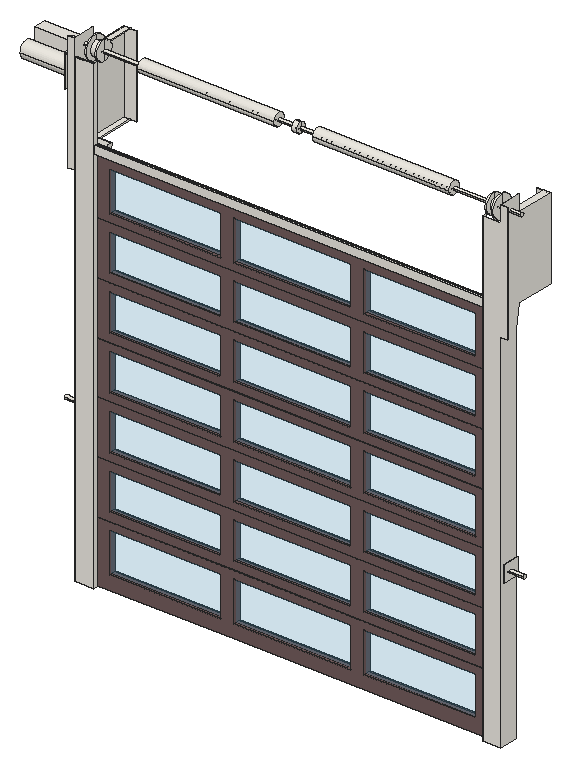
Revit family "Doors-Industrial_Cookson_VertiStack-Clear-Stacking-Door_VS904_", category Specialty Equipment, Revit 2018
Family settings
  Round Connector Dimension = Use Diameter
  Part Type = Normal
  OmniClass Number = 23.25.40.17
  Work Plane-Based = Yes
  Always vertical = Yes
  Cut with Voids When Loaded = No
  Shared = No
  Room Calculation Point = No
Parameters (values of type "VSH 5011EP")
  Voltage = 120 V
  Standard Door = yes
  Single Int Panel Vis [instance] = not(Array Vis)  # no
  Power Factor = 0
  Phase = 1
  Panel Material = Laminated - The Cookson Company -Brown
  Opening Width MIN = 4' - 6"  # constant formula
  Opening Width MAX = 14' - 0"  # constant formula
  URL = "https://www.cornelliron.com/"
  Sizing Disclaimer = "Openings up to 14' wide and 14' high are standard construction. Consult Manufacturer for larger sizes"  # constant formula
  Product data url = "https://www.bimobject.com/the-cookson-company/product/vertistack-clear-stacking-door"
  Product Guid = "3d38f814-2445-47c2-9e7f-16e356fbe4d8"
  Opening Width [instance] = 10' - 0"
  Opening Height [instance] = 10' - 0"
  Number of Poles = 1
  Number of Panels [instance] = size_lookup(Lookup Table, "N", 2, Actual Height)  # 7
  Number of Int Panels [instance] = if(Number of Panels > 3, Number of Panels - 2, 2)  # 5
  Motor Top Position [instance] = not(or(Motor Side Position, Motor Front Position))  # no
  Motor Side Position [instance] = yes
  Motor Front Position [instance] = no
  Model = "VS904"
  Manufacturer = "The Cookson Company"  # constant formula
  Opening Height MIN = 4' - 0"  # constant formula
  Opening Height MAX = 14' - 0"  # constant formula
  Lookup Table = "Vertistack"  # constant formula
  Lock Handle Height [instance] = if(Counter Door, 1' 0", if(or(Opening Height < 6' 0", Opening Height = 6' 0"), 1' 0", 4' 0"))  # 4' - 0"
  Int Section Height [instance] = size_lookup(Lookup Table, "INT", 1' 2 1/2", Actual Height)  # 1' - 4 1/2"
  Glass Material = Glass - The Cookson Company
  Full Load Current = 4.5 A
  Front Offset [instance] = 0' - 0"
  Frequency = 60 Hz
  Frame Material = Metal - The Cookson Company - Steel RAL9010
  Electrical Notes = "For more information on the Electrical requirements please contact the manufacturer"  # constant formula
  Edition number = 0
  Description = "Model VS904 The VertiStack Clear door utilizes unique, compact stacking panels that take up minimal ceiling space, so it won’t interfere with mechanical, electrical or plumbing fixtures. Vertically stacked panels with minimal projection oﬀ the wall allow for a clear and open ceiling. The panels can even be recessed into the ceiling if desired. Designed to operate smoothly and quietly, patrons will not be disturbed by operation."  # constant formula
  Default Elevation = 0' - 0"
  Custom Size Warning [instance] = if(or(Opening Height > Opening Height MAX, Opening Width > Opening Width MAX), "The size entered exceeds the maximum allowed tolerance. The model will revert to the maximum allowed size.", if(or(Opening Height < Opening Height MIN, Opening Width < Opening Width MIN), "The size entered is smaller than the minumum allowed tolerance. The model will revert to the minimum allowed size", "Size Available"))  # "Size Available"
  Counter Door = not(Standard Door)  # no
  Connector Pos 3 [instance] = if(or(Motor Side Position, Motor Top Position), 0' 2 1/8", 1' 9")  # 0' - 2 1/8"
  Connector Pos 2 [instance] = if(or(Motor Side Position, Motor Front Position), 1' 11", 0' 8")  # 1' - 11"
  Connector Pos 1 [instance] = if(Motor Side Position, 0' 7", 1' 11")  # 0' - 7"
  Connector Description = "Power Connection"  # constant formula
  Assembly Height [instance] = if(Motor Side Position, Actual Height + 2' 6 5/8", Actual Height + 3' 3 3/8")  # 12' - 6 5/8"
  Assembly Code = ""
  Array Vis [instance] = if(Number of Panels > 3, 1 < 2, 1 > 2)  # yes
  Actual Width [instance] = if(Opening Width > Opening Width MAX, Opening Width MAX, if(Opening Width < Opening Width MIN, Opening Width MIN, Opening Width))  # 10' - 0"
  Actual Height [instance] = if(Opening Height > Opening Height MAX, Opening Height MAX, if(Opening Height < Opening Height MIN, Opening Height MIN, round(Opening Height / 0' 1") * 0' 1"))  # 10' - 0"
Types (7): name | Voltage | Phase | Number of Poles | Full Load Current | Frequency
  VSH 5011EP | 120 V | 1 | 1 | 4.5 A | 60 Hz
  VSH 5021P | 230 V | 1 | 1 | 1.8 A | 60 Hz
  VSH 5023P | 230 V | 3 | 3 | 1.1 A | 60 Hz
  VSH 5043P | 460 V | 3 | 3 | 0.58 A | 60 Hz
  VSH 5053P | 575 V | 3 | 3 | 0.6 A | 60 Hz
  VSH 5025P | 230 V | 1 | 1 | 1.8 A | 50 Hz
  VSH 5038P | 380 V | 3 | 3 | 0.68 A | 50 Hz
Reference planes (in)
  plane 1 "Center (Front/Back)": y = -3
  plane 2: z = 0
  plane 3 "Center (Left/Right)": x = 0
  plane 4: x = -60
  plane 5: x = 60
  plane 6: y = -3
  plane 7: z = 120
  plane 8: z = 113
  plane 9: z = 145
  plane 10: y = 16
  plane 11: y = 4
  plane 12: z = 150
  plane 13: z = 113.5
  plane 14: x = 69
  plane 15: x = -70
  plane 16: z = 146.875
  plane 17: y = 1
  plane 18: y = 7
  plane 19: x = -83.75
  plane 20: x = -68.75
  plane 21: z = 158
  plane 22: x = -52.5
  plane 23: x = -66.32031
  plane 24: y = 8
  plane 25: y = -0.125
  plane 26: z = 120.5
  plane 27: z = 135
  plane 28: x = -6
  plane 29: x = -48
  plane 30: x = 6
  plane 31: x = 48
  plane 32: z = 48
  plane 33: x = -66.25
  plane 34: x = 66.25
  plane 35: y = 27.47206
Forms (in)
  Extrusion 1, solid, material "Metal - The Cookson Company - Steel RAL9010" <- "Frame Material"
    sketch origin (0, 0, 0) x (1, 0, 0) y (0, 1, 0)
      loop
        line (-60, -3) -> (-60, -1.6875) -> (-60.10156, -1.6875) -> (-60.10156, -2.89844) -> (-65.64844, -2.89844) -> (-65.64844, 2.64844) -> (-60.10156, 2.64844) -> (-60.10156, 1.4375) -> (-60, 1.4375) -> (-60, 2.75) -> (-65.75, 2.75) -> (-65.75, -3) -> (-60, -3)
      loop
        line (60, -3) -> (65.75, -3) -> (65.75, 2.75) -> (60, 2.75) -> (60, 1.4375) -> (60.10156, 1.4375) -> (60.10156, 2.64844) -> (65.64844, 2.64844) -> (65.64844, -2.89844) -> (60.10156, -2.89844) -> (60.10156, -1.6875) -> (60, -1.6875) -> (60, -3)
    from 0 to 113
  Extrusion 2, solid, material "Metal - The Cookson Company - Steel RAL9010" <- "Frame Material"
    sketch origin (0, 0, 0) x (1, 0, 0) y (0, 1, 0)
      loop
        line (-65.75, -3) -> (-60, -3) -> (-60, -1.6875) -> (-60.10156, -1.6875) -> (-60.10156, -2.89844) -> (-65.64844, -2.89844) -> (-65.64844, 15.89844) -> (-61.75, 15.89844) -> (-61.75, 16) -> (-65.75, 16) -> (-65.75, -3)
      loop
        line (60, -3) -> (65.75, -3) -> (65.75, 16) -> (61.75, 16) -> (61.75, 15.89844) -> (65.64844, 15.89844) -> (65.64844, -2.89844) -> (60.10156, -2.89844) -> (60.10156, -1.6875) -> (60, -1.6875) -> (60, -3)
    from 120 to 145
  Extrusion 3, solid, material "Metal - The Cookson Company - Steel RAL9010" <- "Frame Material"
    sketch origin (0, 0.75, 0) x (0, 1, 0) y (0, 0, 1)
      loop
        line (-3.75, 120) -> (-2.25, 120) -> (-2.25, 120.125) -> (-3.625, 120.125) -> (-3.625, 122.375) -> (-3, 122.375) -> (-3, 122.5) -> (-3.75, 122.5) -> (-3.75, 120)
    from -60 to 60
  Extrusion 4, solid, material "Metal - The Cookson Company - Steel RAL9010" <- "Frame Material"
    sketch origin (0, -3, 0) x (1, 0, 0) y (0, 0, 1)
      loop
        line (65.75, 145) -> (65.75, 145.125) -> (63.75, 145.125) -> (63.75, 145) -> (65.75, 145)
      loop
        line (-65.75, 145) -> (-63.75, 145) -> (-63.75, 145.125) -> (-65.75, 145.125) -> (-65.75, 145)
      loop
        line (-65.75, 119.875) -> (-63.75, 119.875) -> (-63.75, 120) -> (-65.75, 120) -> (-65.75, 119.875)
      loop
        line (65.75, 119.875) -> (65.75, 120) -> (63.75, 120) -> (63.75, 119.875) -> (65.75, 119.875)
    from -19 to -7
  Extrusion 5, solid, material "Metal - The Cookson Company - Steel RAL9010" <- "Frame Material"
    sketch origin (0, 0, 0) x (1, 0, 0) y (0, 1, 0)
      loop
        line (65.75, 4) -> (65.64844, 4) -> (65.64844, -3) -> (65.75, -3) -> (65.75, 4)
      loop
        line (-65.75, -3) -> (-65.64844, -3) -> (-65.64844, 4) -> (-65.75, 4) -> (-65.75, -3)
    from 145 to 150
  Extrusion 6, solid, material "Metal - The Cookson Company - Steel RAL9010" <- "Frame Material"
    sketch origin (0, 0, 0) x (1, 0, 0) y (0, 1, 0)
      loop
        line (-67.75, -3) -> (-65.75, -3) -> (-65.75, -2.89844) -> (-67.75, -2.89844) -> (-67.75, -3)
      loop
        line (67.75, -3) -> (67.75, -2.89844) -> (65.75, -2.89844) -> (65.75, -3) -> (67.75, -3)
    from 113.5 to 150
  Extrusion 7, solid, material "Metal - The Cookson Company - Steel RAL9010" <- "Frame Material"
    sketch origin (0, 0, 0) x (0, 1, 0) y (0, 0, 1)
      loop
        circle (1, 146.875) r 0.5
    from -70 to 69
  Extrusion 8, void
    sketch origin (0, 0, 0) x (0, 1, 0) y (0, 0, 1)
      loop
        circle (1, 146.875) r 0.75
    from -70 to 69
  Revolve 9, solid, material "Metal - The Cookson Company - Steel RAL9010" <- "Frame Material"
    sketch origin (0, 1, 159.375) x (0, 0, -1) y (-1, 0, 0)
      loop
        line (12.5, 62.89844) -> (9, 62.89844) -> (9, 62.39844) -> (10.25, 62.39844) -> (10.25, 60.39844) -> (9.625, 60.39844) -> (9.625, 59.89844) -> (12.5, 59.89844) -> (12.5, 62.89844)
      loop
        line (12.5, -62.89844) -> (12.5, -59.89844) -> (9.625, -59.89844) -> (9.625, -60.39844) -> (10.875, -60.39844) -> (10.875, -62.39844) -> (9, -62.39844) -> (9, -62.89844) -> (12.5, -62.89844)
      loop
        line (12.5, -0.75) -> (12.5, 0.75) -> (11, 0.75) -> (11, -0.75) -> (12.5, -0.75)
      axis (12.5, 62.89844) -> (12.5, -62.89844)
    angle from 0 to 360
  Extrusion 10, solid, material "Metal - The Cookson Company - Steel RAL9010" <- "Frame Material", visible <- "Motor Side Position"
    sketch origin (0, -3, 0) x (1, 0, 0) y (0, 0, 1)
      loop
        line (-65.75, 142.75) -> (-65.75, 145) -> (-68.75, 145) -> (-68.75, 135) -> (-68.5, 135) -> (-68.5, 144.75) -> (-66, 144.75) -> (-66, 142.75) -> (-65.75, 142.75)
    from -10 to -0.10156
  Extrusion 11, solid, material "Metal - The Cookson Company - Steel RAL9010" <- "Frame Material", visible <- "Motor Side Position"
    sketch origin (0, 0, 0) x (0, 1, 0) y (0, 0, 1)
      loop
        circle (1, 138.96205) r 2.5
    from -83.75 to -68.75
  Extrusion 12, solid, material "Metal - The Cookson Company - Steel RAL9010" <- "Frame Material", visible <- "Motor Side Position"
    sketch origin (0, 0, 0) x (1, 0, 0) y (0, 1, 0)
      loop
        line (-83.75, 8) -> (-83.75, 4) -> (-68.75, 4) -> (-68.75, 8) -> (-83.75, 8)
    from 135 to 143.77176
  Blend 13, solid, material "Metal - The Cookson Company - Steel RAL9010" <- "Frame Material"
    base sketch origin (0, 0, 0) x (1, 0, 0) y (0, 1, 0)
      loop
        line (-65.75, -3) -> (-60, -3) -> (-60, -1.6875) -> (-60.10156, -1.6875) -> (-60.10156, -2.89844) -> (-65.64844, -2.89844) -> (-65.64844, 2.64844) -> (-60.10156, 2.64844) -> (-60.10156, 1.4375) -> (-60, 1.4375) -> (-60, 2.75) -> (-65.75, 2.75) -> (-65.75, -2.46094) -> (-65.75, -3)
    top sketch origin (0, 0, 0) x (1, 0, 0) y (0, 1, 0)
      loop
        line (-65.75, -3) -> (-60, -3) -> (-60, -1.6875) -> (-60.10156, -1.6875) -> (-60.10156, -2.89844) -> (-65.64844, -2.89844) -> (-65.64844, 3.89844) -> (-60.10156, 3.89844) -> (-60.10156, 2.6875) -> (-60, 2.6875) -> (-60, 4) -> (-65.75, 4) -> (-65.75, -2.46094) -> (-65.75, -3)
    from 113 to 120
  Blend 14, solid, material "Metal - The Cookson Company - Steel RAL9010" <- "Frame Material"
    base sketch origin (0, 0, 0) x (1, 0, 0) y (0, 1, 0)
      loop
        line (65.75, 2.75) -> (60, 2.75) -> (60, 1.4375) -> (60.10156, 1.4375) -> (60.10156, 2.64844) -> (65.64844, 2.64844) -> (65.64844, -2.89844) -> (60.10156, -2.89844) -> (60.10156, -1.6875) -> (60, -1.6875) -> (60, -3) -> (65.75, -3) -> (65.75, -2.89844) -> (65.75, 2.75)
    top sketch origin (0, 0, 0) x (1, 0, 0) y (0, 1, 0)
      loop
        line (65.75, 4) -> (60, 4) -> (60, 2.6875) -> (60.10156, 2.6875) -> (60.10156, 3.89844) -> (65.64844, 3.89844) -> (65.64844, -2.89844) -> (60.10156, -2.89844) -> (60.10156, -1.6875) -> (60, -1.6875) -> (60, -3) -> (65.75, -3) -> (65.75, -2.89844) -> (65.75, 4)
    from 113 to 120
  Extrusion 15, solid, material "Metal - The Cookson Company - Steel RAL9010" <- "Frame Material", visible <- "Motor Top Position"
    sketch origin (0, 0, 0) x (1, 0, 0) y (0, 1, 0)
      loop
        line (-66.5, -3) -> (-60.75, -3) -> (-60.75, -2.82031) -> (-66.32031, -2.82031) -> (-66.32031, 6) -> (-66.5, 6) -> (-66.5, -3)
    from 150 to 158
  Extrusion 16, solid, material "Metal - The Cookson Company - Steel RAL9010" <- "Frame Material", visible <- "Motor Top Position"
    sketch origin (0, 0, 0) x (1, 0, 0) y (0, 1, 0)
      loop
        line (-60.75, -2.82031) -> (-65.36638, -2.82031) -> (-65.36638, -3) -> (-60.75, -3) -> (-60.75, -2.82031)
    from 146.875 to 150
  Extrusion 17, solid, material "Metal - The Cookson Company - Steel RAL9010" <- "Frame Material", visible <- "Motor Top Position"
    sketch origin (0, 0, 0) x (0, 1, 0) y (0, 0, 1)
      loop
        circle (1, 153.503) r 2.5
    from -66.32031 to -52.5
  Extrusion 18, solid, material "Metal - The Cookson Company - Steel RAL9010" <- "Frame Material", visible <- "Motor Top Position"
    sketch origin (-74.31324, 4, 360) x (-1, 0, 0) y (0, 0, 1)
      loop
        line (-21.81324, -210) -> (-7.99292, -210) -> (-7.99292, -201.25) -> (-21.81324, -201.25) -> (-21.81324, -210)
    from 0 to 4
  Extrusion 19, solid, not visible
    sketch origin (0, 0, 0) x (1, 0, 0) y (0, 1, 0)
      loop
        circle (-76.75, 6.125) r 0.5
    from 135 to 158
  Extrusion 20, solid, material "Metal - The Cookson Company - Steel RAL9010"
    sketch origin (0, 0, 0) x (0, 1, 0) y (0, 0, 1)
      loop
        circle (1, 146.875) r 1.875
    from -48 to -6
  Extrusion 21, solid, material "Metal - The Cookson Company - Steel RAL9010"
    sketch origin (0, 0, 0) x (0, 1, 0) y (0, 0, 1)
      loop
        circle (1, 146.875) r 1.875
    from 6 to 48
  Extrusion 22, solid, material "Metal - The Cookson Company - Steel RAL9010" <- "Frame Material", visible <- "Motor Front Position"
    sketch origin (-74.31324, 4, 345) x (-1, 0, 0) y (0, 0, 1)
      loop
        line (-21.81324, -210) -> (-7.99292, -210) -> (-7.99292, -201.25) -> (-21.81324, -201.25) -> (-21.81324, -210)
    from 19.46827 to 23.47206
  Extrusion 23, solid, material "Metal - The Cookson Company - Steel RAL9010" <- "Frame Material", visible <- "Motor Front Position"
    sketch origin (0, 19, -16.75) x (0, 1, 0) y (0, 0, 1)
      loop
        circle (1, 156.003) r 2.5
    from -66.32031 to -52.5
  Extrusion 24, solid, material "Metal - The Cookson Company - Steel RAL9010" <- "Frame Material", visible <- "Motor Front Position"
    sketch origin (0, 0, 0) x (1, 0, 0) y (0, 1, 0)
      loop
        line (-66.32031, 27.47206) -> (-66.32031, 12.57425) -> (-65.75, 12.57425) -> (-65.75, 27.47206) -> (-66.32031, 27.47206)
    from 135 to 145
  Extrusion 25, solid, material "Metal - The Cookson Company - Steel RAL9010" <- "Frame Material", detail levels medium+fine
    sketch origin (-65.75, -3, 0) x (0, 1, 0) y (0, 0, -1)
      loop
        line (5.75, -45.44398) -> (0.75, -45.44398) -> (0.75, -50.55602) -> (5.75, -50.55602) -> (5.75, -45.44398)
    from 0 to 0.5
  Extrusion 26, solid, material "Metal - The Cookson Company - Steel RAL9010" <- "Frame Material", detail levels medium+fine
    sketch origin (-65.75, -3, 0) x (0, 1, 0) y (0, 0, -1)
      loop
        circle (2.875, -47.96875) r 0.5
    from 0 to 5
  Extrusion 27, solid, material "Metal - The Cookson Company - Steel RAL9010" <- "Frame Material", detail levels medium+fine
    sketch origin (65.75, 4, 0) x (0, -1, 0) y (0, 0, -1)
      loop
        line (1.25, -50.55602) -> (6.25, -50.55602) -> (6.25, -45.44398) -> (1.25, -45.44398) -> (1.25, -50.55602)
    from 0 to 0.5
  Extrusion 28, solid, material "Metal - The Cookson Company - Steel RAL9010" <- "Frame Material", detail levels medium+fine
    sketch origin (65.75, 4, 0) x (0, -1, 0) y (0, 0, -1)
      loop
        circle (4.125, -47.96875) r 0.5
    from 0 to 5
Cuts and joins
  Extrusion 8 cuts Extrusion 5
  joined: Extrusion 1, Extrusion 2, Extrusion 4, Extrusion 5, Extrusion 6, Blend 13, Blend 14
  joined: Extrusion 15, Extrusion 16
  joined: Extrusion 22, Extrusion 23, Extrusion 24
Dimensions and locks (in)
  equal spacing: plane 4, plane 3 "Center (Left/Right)", plane 5
  "Actual Width": plane 4 to plane 5
  "Actual Height": plane 7 to level
  locked: Extrusion 1 sketch curve to plane 4 at 5.75
  locked: plane 5 to Extrusion 1 sketch curve at 5.75
  locked: plane 7 to plane 8 at 7
  locked: plane 9 to plane 7 at 25
  locked: Extrusion 3 sketch curve to plane 7 at 2.5
  locked: Extrusion 3 sketch curve to Extrusion 3 sketch curve at 1.5
  locked: Extrusion 3 sketch curve to Extrusion 3 sketch curve at 0.75
  locked: plane 10 to plane 6 at 19
  locked: plane 10 to Extrusion 2 sketch curve at 0.10156  (x2)
  locked: Extrusion 2 sketch curve to Extrusion 2 sketch curve at 4
  locked: Extrusion 4 sketch curve to Extrusion 4 sketch curve at 2  (x4)
  locked: Extrusion 4 sketch curve to plane 9 at 0.125  (x2)
  locked: plane 10 to plane 11 at 12
  locked: plane 7 to Extrusion 4 sketch curve at 0.125  (x2)
  plane 12 to plane 9 = 0' - 5"
  locked: Extrusion 6 sketch curve to Extrusion 6 sketch curve at 2  (x2)
  locked: plane 7 to plane 13 at 6.5
  locked: cut or joined group of Extrusion 1, Extrusion 2, Extrusion 4, Extrusion 5, Extrusion 6, Extrusion 8, Blend 13, Blend 14 to Extrusion 7 sketch curve at 2.5
  locked: plane 5 to plane 14 at 9
  locked: plane 15 to plane 4 at 10
  plane 16 to plane 9 = 0' - 1 7/8"
  locked: Revolve 9 sketch curve to plane 16 at 3.5  (x2)
  locked: Revolve 9 sketch curve to Revolve 9 sketch curve at 0.5  (x4)
  locked: Revolve 9 sketch curve to Revolve 9 sketch curve at 2  (x2)
  locked: Revolve 9 sketch curve to cut or joined group of Extrusion 1, Extrusion 2, Extrusion 4, Extrusion 5, Extrusion 6, Extrusion 8, Blend 13, Blend 14 at 2.75  (x2)
  locked: Revolve 9 sketch curve to plane 16 at 1.5
  equal spacing: Revolve 9 sketch curve, plane 3 "Center (Left/Right)", Revolve 9 sketch curve
  locked: Revolve 9 sketch curve to Revolve 9 sketch curve at 1.5
  locked: Extrusion 10 sketch curve to Extrusion 10 sketch curve at 3
  locked: plane 9 to Extrusion 10 sketch curve at 10
  locked: plane 9 to Extrusion 10 sketch curve at 2.25
  locked: plane 18 to plane 6 at 10
  equal spacing: Extrusion 11 sketch curve, plane 17, Extrusion 11 sketch curve
  locked: Extrusion 10 to Extrusion 11 sketch curve at 3.96205
  locked: plane 20 to plane 15 at 1.25
  locked: plane 15 to plane 19 at 13.75
  locked: Extrusion 12 sketch curve to plane 11 at 4
  locked: plane 9 to Extrusion 12 at 1.22824
  "Front Offset": plane 6 to plane 1 "Center (Front/Back)"
  locked: plane 11 to Blend 13 sketch curve at 0.10156
  locked: plane 11 to Blend 13 sketch curve at 1.3125
  locked: plane 11 to Blend 14 sketch curve at 0.10156
  locked: plane 11 to Blend 14 sketch curve at 1.3125
  locked: plane 17 to plane 6 at 4
  locked: Extrusion 6 sketch curve to plane 6 at 0.10156  (x2)
  locked: plane 21 to plane 12 at 8
  locked: Extrusion 15 sketch curve to cut or joined group of Extrusion 1, Extrusion 2, Extrusion 4, Extrusion 5, Extrusion 6, Extrusion 8, Blend 13, Blend 14 at 0.75
  locked: Extrusion 15 sketch curve to cut or joined group of Extrusion 1, Extrusion 2, Extrusion 4, Extrusion 5, Extrusion 6, Extrusion 8, Blend 13, Blend 14 at 0.57031
  locked: Extrusion 15 to Extrusion 16 sketch curve at 1.13362
  equal spacing: Extrusion 17 sketch curve, plane 17, Extrusion 17 sketch curve
  locked: plane 21 to Extrusion 17 sketch curve at 4.497
  locked: plane 20 to plane 22 at 16.25
  locked: plane 20 to plane 23 at 2.42969
  locked: Extrusion 18 sketch curve to plane 12 at 8.75
  locked: plane 24 to plane 11 at 4
  locked: plane 25 to plane 6 at 2.875
  equal spacing: group 1, group 2, group 3, group 4, group 5  (x3)
  locked: plane 26 to plane 7 at 0.5
  "Connector Pos 1": plane 19 to Extrusion 19 sketch curve
  "Connector Pos 2": plane 21 to plane 27
  "Connector Pos 3": Extrusion 19 sketch curve to plane 11
  plane 4 to cut or joined group of Extrusion 1, Extrusion 2, Extrusion 4, Extrusion 5, Extrusion 6, Extrusion 8, Blend 13, Blend 14 = 0' - 5 3/4"
  plane 5 to plane 4 = 10' - 0"
  locked: Extrusion 7 sketch curve to plane 9 at 1.875
  locked: plane 18 to Extrusion 8 sketch curve at 6
  locked: Extrusion 8 sketch curve to plane 9 at 1.875
  locked: Extrusion 20 sketch curve to plane 9 at 1.875
  locked: plane 11 to Extrusion 20 sketch curve at 3
  locked: plane 3 "Center (Left/Right)" to plane 28 at 6
  locked: plane 30 to plane 3 "Center (Left/Right)" at 6
  locked: plane 4 to plane 33 at 6.25
  locked: plane 34 to plane 5 at 6.25
  "Lock Handle Height": plane 32 to level
  Extrusion 23 sketch curve to Extrusion 23 sketch curve = 0' - 5"
  locked: Extrusion 22 to Extrusion 22 at 4.00378
  locked: plane 35 to plane 10 at 11.47206
  locked: plane 35 to Extrusion 23 sketch curve at 7.47206
  locked: plane 10 to Extrusion 24 sketch curve at 3.42575
  locked: cut or joined group of Extrusion 22, Extrusion 23, Extrusion 24 to Extrusion 23 sketch curve at 4.253
  locked: Extrusion 1 sketch curve to plane 6 at 0.10156
  locked: Extrusion 1 sketch curve to plane 6 at 1.3125
  locked: Extrusion 1 sketch curve to plane 6 at 4.4375
  locked: Extrusion 1 sketch curve to plane 6 at 5.64844
  Extrusion 1 sketch curve to plane 6 = 0' - 5 3/4"
  locked: Extrusion 2 sketch curve to plane 6 at 1.3125
  locked: Extrusion 2 sketch curve to plane 6 at 0.10156
  equal spacing: Extrusion 25 sketch curve, plane 32, Extrusion 25 sketch curve
  locked: cut or joined group of Extrusion 1, Extrusion 2, Extrusion 4, Extrusion 5, Extrusion 6, Extrusion 8, Blend 13, Blend 14 to Extrusion 25 sketch curve at 5
  locked: Extrusion 25 sketch curve to Extrusion 25 sketch curve at 5.11204
  locked: Extrusion 26 sketch curve to plane 32 at 0.46875
  locked: plane 25 to Extrusion 26 sketch curve at 0.5
  locked: plane 5 to plane 31 at 12
  locked: plane 29 to plane 4 at 12
  aligned and locked: level to plane 2
  aligned and locked: Extrusion 1 sketch curve to plane 4  (x2)
  aligned and locked: Extrusion 1 sketch curve to plane 5  (x2)
  aligned and locked: plane 8 to Extrusion 1
  aligned and locked: plane 9 to Extrusion 2
  aligned and locked: Extrusion 2 to plane 7
  aligned and locked: plane 7 to Extrusion 3 sketch curve
  aligned and locked: Extrusion 3 to plane 4
  aligned and locked: plane 5 to Extrusion 3
  aligned and locked: Extrusion 2 sketch curve to plane 10
  aligned and locked: plane 10 to Extrusion 2 sketch curve
  aligned and locked: cut or joined group of Extrusion 1, Extrusion 2, Extrusion 4, Extrusion 5, Extrusion 6, Extrusion 8, Blend 13, Blend 14 to Extrusion 4 sketch curve  (x2)
  aligned and locked: plane 9 to Extrusion 4 sketch curve
  aligned and locked: Extrusion 4 sketch curve to plane 9
  aligned and locked: Extrusion 4 to plane 11
  aligned and locked: plane 7 to Extrusion 4 sketch curve
  aligned and locked: Extrusion 4 sketch curve to plane 7
  aligned and locked: Extrusion 5 sketch curve to cut or joined group of Extrusion 1, Extrusion 2, Extrusion 4, Extrusion 5, Extrusion 6, Extrusion 8, Blend 13, Blend 14  (x3)
  aligned and locked: cut or joined group of Extrusion 1, Extrusion 2, Extrusion 4, Extrusion 5, Extrusion 6, Extrusion 8, Blend 13, Blend 14 to Extrusion 5 sketch curve  (x2)
  aligned and locked: Extrusion 5 to plane 9
  aligned and locked: plane 12 to Extrusion 5
  aligned and locked: Extrusion 6 sketch curve to cut or joined group of Extrusion 1, Extrusion 2, Extrusion 4, Extrusion 5, Extrusion 6, Extrusion 8, Blend 13, Blend 14
  aligned and locked: Extrusion 6 to plane 13
  aligned and locked: plane 12 to Extrusion 6
  aligned and locked: plane 14 to Extrusion 7
  aligned and locked: Extrusion 7 to plane 15
  aligned and locked: Extrusion 8 to plane 15
  aligned and locked: plane 14 to Extrusion 8
  aligned and locked: plane 16 to Revolve 9 sketch curve
  aligned and locked: Revolve 9 sketch curve to plane 16  (x3)
  aligned and locked: Extrusion 10 sketch curve to cut or joined group of Extrusion 1, Extrusion 2, Extrusion 4, Extrusion 5, Extrusion 6, Extrusion 8, Blend 13, Blend 14
  aligned and locked: plane 9 to Extrusion 10 sketch curve
  aligned and locked: Extrusion 10 to cut or joined group of Extrusion 1, Extrusion 2, Extrusion 4, Extrusion 5, Extrusion 6, Extrusion 8, Blend 13, Blend 14
  aligned and locked: plane 18 to Extrusion 10
  aligned and locked: Extrusion 11 to plane 20
  aligned and locked: Extrusion 11 to plane 19
  aligned and locked: plane 11 to Extrusion 12 sketch curve
  aligned and locked: plane 20 to Extrusion 12 sketch curve
  aligned and locked: plane 19 to Extrusion 12 sketch curve
  aligned and locked: Extrusion 12 to Extrusion 10
  aligned and locked: cut or joined group of Extrusion 1, Extrusion 2, Extrusion 4, Extrusion 5, Extrusion 6, Extrusion 8, Blend 13, Blend 14 to Blend 13 sketch curve  (x5)
  aligned and locked: Blend 13 sketch curve to cut or joined group of Extrusion 1, Extrusion 2, Extrusion 4, Extrusion 5, Extrusion 6, Extrusion 8, Blend 13, Blend 14  (x16)
  aligned and locked: plane 11 to Blend 13 sketch curve
  aligned and locked: Blend 13 to plane 8
  aligned and locked: plane 7 to Blend 13
  aligned and locked: Blend 14 sketch curve to cut or joined group of Extrusion 1, Extrusion 2, Extrusion 4, Extrusion 5, Extrusion 6, Extrusion 8, Blend 13, Blend 14  (x18)
  aligned and locked: cut or joined group of Extrusion 1, Extrusion 2, Extrusion 4, Extrusion 5, Extrusion 6, Extrusion 8, Blend 13, Blend 14 to Blend 14 sketch curve  (x5)
  aligned and locked: plane 11 to Blend 14 sketch curve
  aligned and locked: plane 7 to Blend 14
  aligned and locked: Blend 14 to plane 8
  aligned and locked: Extrusion 15 to plane 12
  aligned and locked: plane 21 to Extrusion 15
  aligned and locked: Extrusion 16 sketch curve to Extrusion 15
  aligned and locked: cut or joined group of Extrusion 1, Extrusion 2, Extrusion 4, Extrusion 5, Extrusion 6, Extrusion 8, Blend 13, Blend 14 to Extrusion 16
  aligned and locked: Extrusion 16 to plane 16
  aligned and locked: plane 23 to Extrusion 17
  aligned and locked: plane 22 to Extrusion 17
  aligned and locked: Extrusion 18 sketch curve to plane 22
  aligned and locked: plane 12 to Extrusion 18 sketch curve
  aligned and locked: Extrusion 18 sketch curve to plane 23
  aligned and locked: plane 24 to Extrusion 18
  aligned and locked: plane 3 "Center (Left/Right)" to nested 1
  aligned and locked: nested 1 to plane 25
  aligned and locked: nested 1 to level
  aligned and locked: nested 2 to plane 25
  aligned and locked: nested 3 to plane 25
  aligned and locked: nested 3 to nested 1
  aligned and locked: nested 4 to nested 5
  aligned and locked: nested 4 to nested 3
  aligned and locked: nested 4 to plane 25
  aligned and locked: nested 5 to plane 25
  aligned and locked: plane 26 to nested 2
  aligned and locked: plane 21 to Extrusion 19
  aligned and locked: Extrusion 19 to plane 27
  aligned and locked: plane 28 to Extrusion 20
  aligned and locked: Extrusion 20 to plane 29
  aligned and locked: Extrusion 21 sketch curve to Extrusion 20  (x2)
  aligned and locked: Extrusion 21 to plane 30
  aligned and locked: plane 31 to Extrusion 21
  aligned and locked: plane 35 to Extrusion 22
  aligned and locked: plane 23 to Extrusion 22
  aligned and locked: plane 22 to Extrusion 22
  aligned and locked: plane 22 to Extrusion 23
  aligned and locked: plane 23 to Extrusion 23
  aligned and locked: Extrusion 24 sketch curve to plane 35
  aligned and locked: Extrusion 24 sketch curve to Extrusion 22
  aligned and locked: Extrusion 24 sketch curve to cut or joined group of Extrusion 1, Extrusion 2, Extrusion 4, Extrusion 5, Extrusion 6, Extrusion 8, Blend 13, Blend 14
  aligned and locked: cut or joined group of Extrusion 22, Extrusion 23, Extrusion 24 to Extrusion 10  (x2)
  aligned and locked: Extrusion 15 sketch curve to plane 6
  aligned and locked: cut or joined group of Extrusion 15, Extrusion 16 to cut or joined group of Extrusion 15, Extrusion 16  (x2)
  aligned and locked: plane 6 to Extrusion 3 sketch curve
  aligned and locked: Extrusion 1 sketch curve to plane 6
  aligned and locked: plane 6 to Extrusion 1 sketch curve
  aligned and locked: Extrusion 1 sketch curve to Extrusion 1 sketch curve  (x5)
  aligned and locked: Extrusion 2 sketch curve to plane 6
  aligned and locked: Extrusion 2 sketch curve to plane 5
  aligned and locked: Extrusion 2 sketch curve to Extrusion 2 sketch curve
  aligned and locked: cut or joined group of Extrusion 1, Extrusion 2, Extrusion 4, Extrusion 5, Extrusion 6, Extrusion 8, Blend 13, Blend 14 to Extrusion 2 sketch curve
  aligned and locked: Extrusion 2 sketch curve to cut or joined group of Extrusion 1, Extrusion 2, Extrusion 4, Extrusion 5, Extrusion 6, Extrusion 8, Blend 13, Blend 14
  aligned and locked: Extrusion 6 sketch curve to plane 6
  aligned and locked: plane 6 to Extrusion 6 sketch curve
  aligned and locked: Blend 13 sketch curve to plane 6  (x2)
  aligned and locked: Extrusion 5 sketch curve to plane 6
  aligned and locked: plane 9 to cut or joined group of Extrusion 22, Extrusion 23, Extrusion 24
  aligned and locked: Extrusion 25 sketch curve to cut or joined group of Extrusion 1, Extrusion 2, Extrusion 4, Extrusion 5, Extrusion 6, Extrusion 8, Blend 13, Blend 14
  aligned and locked: Extrusion 27 sketch curve to Extrusion 25  (x4)
  aligned and locked: Extrusion 28 sketch curve to Extrusion 26  (x2)
  aligned and locked: plane 10 to cut or joined group of Extrusion 1, Extrusion 2, Extrusion 4, Extrusion 5, Extrusion 6, Extrusion 8, Blend 13, Blend 14
Automatic sketch dimensions
  Extrusion 1 sketch curve to Extrusion 1 sketch curve = 0' - 0 13/128"  (x2)
  Extrusion 1 sketch curve to plane 4 = 0' - 0 13/128"  (x2)
  plane 5 to Extrusion 1 sketch curve = 0' - 0 13/128"  (x2)
  Extrusion 2 sketch curve to plane 4 = 0' - 0"
  Extrusion 2 sketch curve to Extrusion 2 sketch curve = 0' - 0 13/128"  (x3)
  Extrusion 2 sketch curve to plane 4 = 0' - 1 3/4"
  plane 33 to Extrusion 2 sketch curve = 0' - 0 77/128"
  plane 5 to Extrusion 2 sketch curve = 0' - 0 13/128"
  plane 5 to Extrusion 2 sketch curve = 0' - 1 3/4"
  plane 33 to Extrusion 4 sketch curve = 0' - 2 1/2"  (x2)
  plane 33 to Extrusion 5 sketch curve = 0' - 0 77/128"
  Extrusion 5 sketch curve to Extrusion 5 sketch curve = 0' - 0 13/128"
  plane 33 to Extrusion 6 sketch curve = 0' - 0 1/2"
  Extrusion 7 sketch curve to Extrusion 7 sketch curve = 0' - 0"
  Extrusion 7 sketch curve to plane 17 = 0' - 0"
  plane 25 to Extrusion 8 sketch curve = 0' - 0 3/8"
  Revolve 9 sketch curve to plane 12 = 0' - 0 1/4"  (x2)
  Revolve 9 sketch curve to plane 12 = 0' - 0 7/8"
  Revolve 9 sketch curve to plane 12 = 0' - 1 1/2"
  plane 29 to Revolve 9 sketch curve = 0' - 9 77/128"
  Revolve 9 sketch curve to plane 22 = 0' - 0 19/128"
  Extrusion 10 sketch curve to plane 20 = 0' - 0 1/4"
  plane 33 to Extrusion 10 sketch curve = 0' - 0 1/4"
  Extrusion 10 sketch curve to plane 9 = 0' - 0 1/4"
  Blend 13 sketch curve to Blend 13 sketch curve = 0' - 0 7/16"  (x2)
  Blend 14 sketch curve to Blend 14 sketch curve = 0' - 0"  (x2)
  Extrusion 15 sketch curve to plane 4 = 0' - 0 3/4"
  Extrusion 22 sketch curve to plane 12 = 1' - 3"
  Extrusion 22 sketch curve to plane 21 = 1' - 2 1/4"
  plane 19 to Extrusion 22 sketch curve = 2' - 7 1/4"
  Extrusion 22 sketch curve to Extrusion 22 sketch curve = 1' - 1 105/128"
  Extrusion 15 sketch curve to Extrusion 15 sketch curve = 0' - 0 23/128"
  plane 11 to Extrusion 15 sketch curve = 0' - 2"
  Extrusion 16 sketch curve to plane 1 "Center (Front/Back)" = 0' - 0"
  Extrusion 16 sketch curve to Extrusion 16 sketch curve = 0' - 0 23/128"
  plane 6 to Extrusion 3 sketch curve = 0' - 0 1/8"
  Extrusion 3 sketch curve to Extrusion 3 sketch curve = 0' - 0 1/8"  (x2)
  Extrusion 26 sketch curve to Extrusion 5 = 0' - 2 7/8"
  radius of Extrusion 11 sketch curve = 0' - 2 1/2"
  radius of Extrusion 17 sketch curve = 0' - 2 1/2"
  radius of Extrusion 20 sketch curve = 0' - 1 7/8"
  radius of Extrusion 23 sketch curve = 0' - 2 1/2"
  radius of Extrusion 19 sketch curve = 0' - 0 1/2"
Nested families (in)
  nested 1: "Panel" at (0, -0.125, 0), Height <- "Int Section Height", type "Panel"
    with Top Panel no, Top Bar Height 0' - 2 1/2", Height 1' - 4 1/2", Bottom Panel yes, Bottom Bar Height 0' - 4 1/4", Actual Height 1' - 7"
  nested 2: "Panel" at (0, -0.125, 101.5), Height <- "Int Section Height", type "Panel"
    with Top Panel yes, Top Bar Height 0' - 4 1/4", Height 1' - 4 1/2", Bottom Panel no, Bottom Bar Height 0' - 2 1/2", Actual Height 1' - 7"
  nested 3: "Panel" at (0, -0.125, 19), Height <- "Int Section Height", visible <- "Single Int Panel Vis", type "Panel"
    with Top Panel no, Top Bar Height 0' - 2 1/2", Height 1' - 4 1/2", Bottom Panel no, Bottom Bar Height 0' - 2 1/2", Actual Height 1' - 4 1/2"
  nested 4: "Panel" at (0, -0.125, 19), Height <- "Int Section Height", visible <- "Array Vis", type "Panel"
    with Top Panel no, Top Bar Height 0' - 2 1/2", Height 1' - 4 1/2", Bottom Panel no, Bottom Bar Height 0' - 2 1/2", Actual Height 1' - 4 1/2"
  nested 5: "Panel" at (0, -0.125, 35.5), Height <- "Int Section Height", visible <- "Array Vis", type "Panel"
    with Top Panel no, Top Bar Height 0' - 2 1/2", Height 1' - 4 1/2", Bottom Panel no, Bottom Bar Height 0' - 2 1/2", Actual Height 1' - 4 1/2"
  nested 6: "Panel" at (0, -0.125, 52), Height <- "Int Section Height", visible <- "Array Vis", type "Panel"
    with Top Panel no, Top Bar Height 0' - 2 1/2", Height 1' - 4 1/2", Bottom Panel no, Bottom Bar Height 0' - 2 1/2", Actual Height 1' - 4 1/2"
  nested 7: "Panel" at (0, -0.125, 68.5), Height <- "Int Section Height", visible <- "Array Vis", type "Panel"
    with Top Panel no, Top Bar Height 0' - 2 1/2", Height 1' - 4 1/2", Bottom Panel no, Bottom Bar Height 0' - 2 1/2", Actual Height 1' - 4 1/2"
  nested 8: "Panel" at (0, -0.125, 85), Height <- "Int Section Height", visible <- "Array Vis", type "Panel"
    with Top Panel no, Top Bar Height 0' - 2 1/2", Height 1' - 4 1/2", Bottom Panel no, Bottom Bar Height 0' - 2 1/2", Actual Height 1' - 4 1/2"
Connectors (in)
  electrical at (-76.75, 6.125, 135), driven by "Connector Description", driven by "Power Factor", driven by "Voltage", driven by "Number of Poles"
    settings: on Extrusion 19, index 1, voltage 120 V, apparent load 0 VA, apparent load phase1 0 VA, apparent load phase2 0 VA, apparent load phase3 0 VA, power factor 0, load classification "Other", number of poles 1, system type 31, power factor state 1, is connector primary yes, connector utility no, sub classification motor no, connector description "Power Connection"
Definition of nested family "Panel"
  Parameters (values of type "Panel")
    Width = 10' - 0"
    Top Panel [instance] = no
    Top Bar Height [instance] = if(Top Panel, 0' 4 1/4", 0' 2 1/2")  # 0' - 2 1/2"
    Height [instance] = 1' - 2 1/2"
    Glass Material = none
    Frame Material = none
    Bottom Panel [instance] = no
    Bottom Bar Height [instance] = if(Bottom Panel, 0' 4 1/4", 0' 2 1/2")  # 0' - 2 1/2"
    Actual Height [instance] = if(or(Bottom Panel, Top Panel), Height + 0' 2 1/2", Height)  # 1' - 2 1/2"
  Reference planes (in)
    plane 1 "Center (Front/Back)": y = 0
    plane 2: z = 0
    plane 3 "Center (Left/Right)": x = 0
    plane 4: x = -60
    plane 5: x = 60
    plane 6: x = -20
    plane 7: x = 20
    plane 8: z = 14.5
    plane 9: z = 12
    plane 10: z = 2.5
    plane 11: y = 1.0625
    plane 12: y = -1.0625
    plane 13: x = -56.5
    plane 14: x = -62.5
    plane 15: x = 56.5
    plane 16: x = 62.5
    plane 17: x = -22
    plane 18: x = -18
    plane 19: x = 18
    plane 20: x = 22
    plane 21: y = 0.5
    plane 22: y = -0.5
  Forms (in)
    Extrusion 1, solid, material <- "Frame Material"
      sketch origin (0, 0, 0) x (1, 0, 0) y (0, 0, 1)
        loop
          line (-62.5, 14.5) -> (-62.5, 0) -> (-19.5, 0) -> (62.5, 0) -> (62.5, 14.5) -> (-62.5, 14.5)
        loop
          line (-56.5, 12) -> (-56.5, 2.5) -> (-22, 2.5) -> (-22, 12) -> (-56.5, 12)
        loop
          line (-18, 12) -> (-18, 2.5) -> (18, 2.5) -> (18, 12) -> (-18, 12)
        loop
          line (22, 12) -> (22, 2.5) -> (56.5, 2.5) -> (56.5, 12) -> (22, 12)
      from -1.0625 to 1.0625
    Extrusion 2, solid, material <- "Glass Material"
      sketch origin (0, 0, 0) x (1, 0, 0) y (0, 1, 0)
        loop
          line (56.5, 0.5) -> (-56.5, 0.5) -> (-56.5, -0.5) -> (56.5, -0.5) -> (56.5, 0.5)
      from 2.5 to 12
  Dimensions and locks (in)
    equal spacing: plane 4, plane 3 "Center (Left/Right)", plane 5
    "Width": plane 4 to plane 5
    equal spacing: plane 4, plane 6, plane 7, plane 5
    "Actual Height": plane 8 to level
    locked: plane 11 to plane 12 at 2.125
    equal spacing: plane 11, plane 1 "Center (Front/Back)", plane 12
    locked: plane 4 to plane 13 at 3.5
    locked: plane 14 to plane 13 at 6
    locked: plane 15 to plane 5 at 3.5
    locked: plane 15 to plane 16 at 6
    plane 17 to plane 6 to plane 18 = 0' - 2" locked, 0' - 2" locked
    plane 19 to plane 7 to plane 20 = 0' - 2" locked, 0' - 2" locked
    "Top Bar Height": plane 8 to plane 9
    "Bottom Bar Height": plane 10 to level
    plane 21 to plane 1 "Center (Front/Back)" to plane 22 = 0' - 0 1/2" locked, 0' - 0 1/2" locked
    aligned and locked: plane 2 to level
    aligned and locked: Extrusion 1 sketch curve to plane 8
    aligned and locked: Extrusion 1 sketch curve to plane 14
    aligned and locked: Extrusion 1 sketch curve to level
    aligned and locked: Extrusion 1 sketch curve to plane 9
    aligned and locked: Extrusion 1 sketch curve to plane 13
    aligned and locked: Extrusion 1 sketch curve to plane 17
    aligned and locked: Extrusion 1 sketch curve to plane 18
    aligned and locked: Extrusion 1 sketch curve to plane 10  (x2)
    aligned and locked: Extrusion 1 sketch curve to plane 19
    aligned and locked: Extrusion 1 sketch curve to plane 20
    aligned and locked: Extrusion 1 sketch curve to plane 16
    aligned and locked: Extrusion 1 sketch curve to plane 15
    aligned and locked: Extrusion 1 to plane 11
    aligned and locked: Extrusion 1 to plane 12
    aligned and locked: plane 21 to Extrusion 2 sketch curve
    aligned and locked: plane 15 to Extrusion 2 sketch curve
    aligned and locked: plane 22 to Extrusion 2 sketch curve
    aligned and locked: Extrusion 2 sketch curve to plane 13
    aligned and locked: plane 9 to Extrusion 2
    aligned and locked: Extrusion 2 to plane 10
  Automatic sketch dimensions
    Extrusion 1 sketch curve to plane 10 = 0' - 0"
    Extrusion 1 sketch curve to plane 9 = 0' - 0"  (x2)
    plane 6 to Extrusion 1 sketch curve = 0' - 0 1/2"
